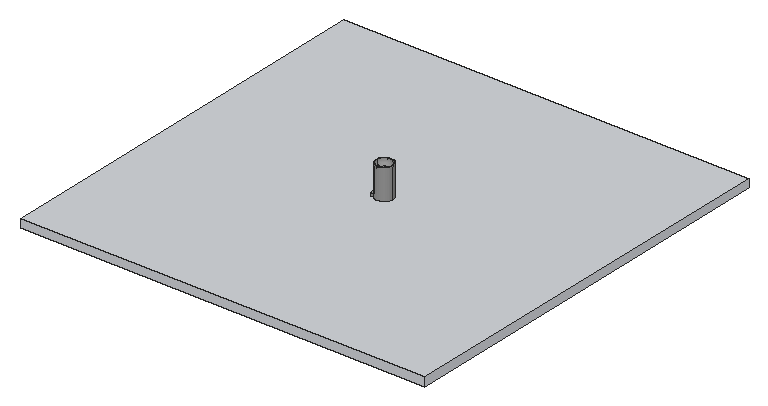
Revit family "LAMP_KOMBIC 100 SURFACE TRACK 2500 CRI80 OPTIC DALI", category Luminarias, Revit 2018
Family settings
  Anfitrión = Cara
  Cota de conector redondo = Diámetro de uso
  Tipo de pieza = Normal
  Corte con vacíos al cargar = No
  Origen de luz = Sí
  Compartido = No
  Punto de cálculo de habitación = No
Parameters (values of type "1609LM 3000K  B/B")
  Ángulo de inclinación = -90.00°
  Weight = 0.498 kg
  UGR = "17"
  Type = "COB PHILIPS"
  Protection rating = "IP40"
  Product datasheet = "http://www.lamp.es/product-files/TECH/K11TK2540WF830DBB-EN.pdf"
  Product code = "K11TK2540WF830DBB"
  Product URL = "https://www.lamp.es/en/family/kombic-surface_474354"
  Power Supply = "220-240V 50/60Hz"
  Power = 18 W
  Plum = 21.6 W
  Modelo = Product code  # "K11TK2540WF830DBB"
  Model explanation = "Possibility of chossing between surface or suspended within the model"
  Material reflector = LAMP_PC Reflector Kombic Metalizado Negro
  Material floron = LAMP_Plástico genérico NG
  Material difusor = LAMP_PMMA Difusor Kombic
  Material cuerpo = LAMP_Plástico genérico NG
  Material cable suspension = LAMP_Acero genérico
  Manufacturer name = "LAMP"
  Manufacturer country = "Spain"
  Manufacturer URL = "http://www.lamp.es/en"
  MacAdam = "3"
  Luminaire type = "Track"
  Last update = "03/08/2021"
  Lamp = "COB LED"
  LED Lifetime = "50.000 L70 B10"
  Insulation class = "I"
  Installation instructions = "https://www.lamp.es/product-files/packed/by-family/474354_INS_all.zip"
  IEE = "A+"
  Wattage = 21.6 W
  built-in parameter 1150107 = 3000 (stored number, unit not read)
  built-in parameter 1150110 = 1 (stored number, unit not read)
  built-in parameter 1150109 = 1 (stored number, unit not read)
  built-in parameter 1150112 = 1 (stored number, unit not read)
  built-in parameter 1150113 = 1 (stored number, unit not read)
  built-in parameter 1114218 = 1 (stored number, unit not read)
  built-in parameter 1150137 = (empty or 0)
  built-in parameter 1150132 = 2
  built-in parameter 1150105 = 2137.8 (stored number, unit not read)
  built-in parameter 1150102 = (empty or 0)
  built-in parameter 1150106 = 21.378 (stored number, unit not read)
  Height = 180 mm
  Gear = "Electronic"
  Lumens = 1609.2 lm
  Finish = "Matte black RAL 9011"
  Color Filter = 16777215
  built-in parameter 1114217 = 1 (stored number, unit not read)
  built-in parameter 1150139 = (empty or 0)
  Fabricante = Manufacturer name  # "LAMP"
  Default Elevation = 1219.2 mm
  built-in parameter 1150104 = 6.9213 (stored number, unit not read)
  Efficacy = 74.5 lm/W
  Diameter = 100 mm
  built-in parameter 1150115 = 1 (stored number, unit not read)
  built-in parameter 1150114 = 1 (stored number, unit not read)
  built-in parameter 1150138 = (empty or 0)
  built-in parameter 1150134 = (empty or 0)
  Dimming Lamp Color Temperature Shift = (empty or 0)
  CRI = "80"
  Archivo de red fotométrica = "K11rd2540WF830NBw.IES"
  built-in parameter 1150133 = 10 (stored number, unit not read)
Types (12, lengths in mm): name | UGR | Product datasheet | Product code | Modelo | Material reflector | Material cuerpo | built-in parameter 1150107 | built-in parameter 1150105 | built-in parameter 1150106 | Lumens | Finish | built-in parameter 1150104 | Efficacy | built-in parameter 1150134 | Archivo de red fotométrica
  1609LM 3000K  B/B | "17" | "http://www.lamp.es/product-files/TECH/K11TK2540WF830DBB-EN.pdf" | "K11TK2540WF830DBB" | "K11TK2540WF830DBB" | LAMP_PC Reflector Kombic Metalizado Negro | LAMP_Plástico genérico NG | 3000 (stored number, unit not read) | 2137.8 (stored number, unit not read) | 21.378 (stored number, unit not read) | 1609.2 lm | "Matte black RAL 9011" | 6.9213 (stored number, unit not read) | 74.5 lm/W | (empty or 0) | "K11rd2540WF830NBw.IES"
  1609LM 3000K  B/W | "17" | "http://www.lamp.es/product-files/TECH/K11TK2540WF830DBW-EN.pdf" | "K11TK2540WF830DBW" | "K11TK2540WF830DBW" | LAMP_PC Reflector Kombic Metalizado Negro | LAMP_Plástico genérico BL | 3000 (stored number, unit not read) | 2137.8 (stored number, unit not read) | 21.378 (stored number, unit not read) | 1609.2 lm | "Matte Traffic white RAL 9016" | 6.9213 (stored number, unit not read) | 74.5 lm/W | (empty or 0) | "K11rd2540WF830NBW.IES"
  1692LM 3000K  M/B | "17" | "http://www.lamp.es/product-files/TECH/K11TK2540WF830DMB-EN.pdf" | "K11TK2540WF830DMB" | "K11TK2540WF830DMB" | LAMP_PC Reflector Kombic Metalizado Mate | LAMP_Plástico genérico NG | 3000 (stored number, unit not read) | 2246.9 (stored number, unit not read) | 22.469 (stored number, unit not read) | 1691.28 lm | "Matte black RAL 9011" | 7.2743 (stored number, unit not read) | 78.3 lm/W | (empty or 0) | "K11rd2540WF830NMw.IES"
  1692LM 3000K  M/W | "17" | "http://www.lamp.es/product-files/TECH/K11TK2540WF830DMW-EN.pdf" | "K11TK2540WF830DMW" | "K11TK2540WF830DMW" | LAMP_PC Reflector Kombic Metalizado Mate | LAMP_Plástico genérico BL | 3000 (stored number, unit not read) | 2246.9 (stored number, unit not read) | 22.469 (stored number, unit not read) | 1691.28 lm | "Matte Traffic white RAL 9016" | 7.2743 (stored number, unit not read) | 78.3 lm/W | (empty or 0) | "K11rd2540WF830NMW.IES"
  1701LM 3000K  W/B | "19" | "http://www.lamp.es/product-files/TECH/K11TK2540WF830DWB-EN.pdf" | "K11TK2540WF830DWB" | "K11TK2540WF830DWB" | LAMP_PC Reflector Kombic Blanco | LAMP_Plástico genérico NG | 3000 (stored number, unit not read) | 2261.2 (stored number, unit not read) | 22.612 (stored number, unit not read) | 1702.08 lm | "Matte black RAL 9011" | 7.3208 (stored number, unit not read) | 78.8 lm/W | (empty or 0) | "K11rd2540WF830NWw.IES"
  1701LM 3000K  W/W | "19" | "http://www.lamp.es/product-files/TECH/K11TK2540WF830DWW-EN.pdf" | "K11TK2540WF830DWW" | "K11TK2540WF830DWW" | LAMP_PC Reflector Kombic Blanco | LAMP_Plástico genérico BL | 3000 (stored number, unit not read) | 2261.2 (stored number, unit not read) | 22.612 (stored number, unit not read) | 1702.08 lm | "Matte Traffic white RAL 9016" | 7.3208 (stored number, unit not read) | 78.8 lm/W | (empty or 0) | "K11rd2540WF830NWW.IES"
  1704LM 4000K  B/B | "17" | "http://www.lamp.es/product-files/TECH/K11TK2540WF840DBB-EN.pdf" | "K11TK2540WF840DBB" | "K11TK2540WF840DBB" | LAMP_PC Reflector Kombic Metalizado Negro | LAMP_Plástico genérico NG | 4000 (stored number, unit not read) | 2264.1 (stored number, unit not read) | 22.641 (stored number, unit not read) | 1704.24 lm | "Matte black RAL 9011" | 7.33 (stored number, unit not read) | 78.9 lm/W | 12 | "K11rd2540WF840NBw.IES"
  1704LM 4000K  B/W | "17" | "http://www.lamp.es/product-files/TECH/K11TK2540WF840DBW-EN.pdf" | "K11TK2540WF840DBW" | "K11TK2540WF840DBW" | LAMP_PC Reflector Kombic Metalizado Negro | LAMP_Plástico genérico BL | 4000 (stored number, unit not read) | 2264.1 (stored number, unit not read) | 22.641 (stored number, unit not read) | 1704.24 lm | "Matte Traffic white RAL 9016" | 7.33 (stored number, unit not read) | 78.9 lm/W | 12 | "K11rd2540WF840NBW.IES"
  1792LM 4000K  W/B | "17" | "http://www.lamp.es/product-files/TECH/K11TK2540WF840DMB-EN.pdf" | "K11TK2540WF840DMB" | "K11TK2540WF840DMB" | LAMP_PC Reflector Kombic Metalizado Mate | LAMP_Plástico genérico NG | 4000 (stored number, unit not read) | 2381.7 (stored number, unit not read) | 23.817 (stored number, unit not read) | 1792.8 lm | "Matte black RAL 9011" | 7.711 (stored number, unit not read) | 83 lm/W | 12 | "K11rd2540WF840NMw.IES"
  1792LM 4000K  W/W | "17" | "http://www.lamp.es/product-files/TECH/K11TK2540WF840DMW-EN.pdf" | "K11TK2540WF840DMW" | "K11TK2540WF840DMW" | LAMP_PC Reflector Kombic Metalizado Mate | LAMP_Plástico genérico BL | 3000 (stored number, unit not read) | 2381.7 (stored number, unit not read) | 23.817 (stored number, unit not read) | 1792.8 lm | "Matte Traffic white RAL 9016" | 7.711 (stored number, unit not read) | 83 lm/W | (empty or 0) | "K11rd2540WF840NMW.IES"
  1802LM 4000K  M/B | "19" | "http://www.lamp.es/product-files/TECH/K11TK2540WF840DWB-EN.pdf" | "K11TK2540WF840DWB" | "K11TK2540WF840DWB" | LAMP_PC Reflector Kombic Blanco | LAMP_Plástico genérico NG | 3000 (stored number, unit not read) | 2393.2 (stored number, unit not read) | 23.932 (stored number, unit not read) | 1801.44 lm | "Matte black RAL 9011" | 7.7481 (stored number, unit not read) | 83.4 lm/W | (empty or 0) | "K11rd2540WF840NWw.IES"
  1802LM 4000K  M/W | "19" | "http://www.lamp.es/product-files/TECH/K11TK2540WF840DWW-EN.pdf" | "K11TK2540WF840DWW" | "K11TK2540WF840DWW" | LAMP_PC Reflector Kombic Blanco | LAMP_Plástico genérico BL | 4000 (stored number, unit not read) | 2393.2 (stored number, unit not read) | 23.932 (stored number, unit not read) | 1801.44 lm | "Matte Traffic white RAL 9016" | 7.7481 (stored number, unit not read) | 83.4 lm/W | 12 | "K11rd2540WF840NWW.IES"
Reference planes
  plane 1 "Centro (Frontal/Posterior)": y = 0
  plane 2: z = 0
  plane 3 "Centro (Izquierda/Derecha)": x = 0
Forms (mm)
  Extrusion 1, solid
    sketch origin (0, 0, 0) x (1, 0, 0) y (0, 1, 0)
      loop
        line (-1219.2, 1219.2) -> (-1219.2, -1219.2) -> (1219.2, -1219.2) -> (1219.2, 1219.2) -> (-1219.2, 1219.2)
    from 0 to -50
  Extrusion 2, solid, material "LAMP_Plástico genérico NG" <- "Material cuerpo"
    sketch origin (0, 0, 0) x (1, 0, 0) y (0, 1, 0)
      loop
        circle (0, 0) r 50
    from 14 to 194
  Extrusion 3, void
    sketch origin (0, 0, 0) x (1, 0, 0) y (0, 1, 0)
      loop
        circle (0, 0) r 48
    from 25.333 to 194
  Sweep 4, solid, material "LAMP_PC Reflector Kombic Metalizado Negro" <- "Material reflector"
    path origin (105.103, -251.845, 194) x (1, 0, 0) y (0, 1, 0)
      loop
        circle (-105.103, 251.959) r 48
    profile origin (0, 48.114, 194) x (0, -1, 0) y (0, 0, 1)
      loop
        arc (0, 0) -> (6.616, -20.646) -> (24, -33.6) r 35.52
        line (24, -33.6) -> (24, -32.6)
        arc (24, -32.6) -> (7.196, -20.217) -> (2, 0) r 31.112
        line (2, 0) -> (0, 0)
  Extrusion 5, solid, material "LAMP_PMMA Difusor Kombic" <- "Material difusor"
    sketch origin (0, 0, 0) x (1, 0, 0) y (0, 1, 0)
      loop
        circle (0, 0) r 24
    from 160.4 to 161.4
  Extrusion 6, solid, material "LAMP_Plástico genérico NG" <- "Material cuerpo"
    sketch origin (0, 0, 0) x (1, 0, 0) y (0, 1, 0)
      loop
        arc (-66.129, 16) -> (-70, 0) -> (-66.129, -16) r 35
        line (-66.129, -16) -> (-3.871, -16)
        arc (-3.871, -16) -> (0, 0) -> (-3.871, 16) r 35
        line (-3.871, 16) -> (-66.129, 16)
    from -26 to 14
  Extrusion 7, void
    sketch origin (0, 0, 0) x (0, 1, 0) y (0, 0, 1)
      loop
        line (17, 0) -> (7, 0) -> (7, -25) -> (-7, -25) -> (-7, 0) -> (-17, 0) -> (-17, -26) -> (17, -26) -> (17, 0)
    from -82.029 to 0
Cuts and joins
  Extrusion 3 cuts Extrusion 2
  Extrusion 7 cuts Extrusion 6
Text (mm)
  text "Any modification of the parameters and properties of the LAMP BIM models must be executed and validated by the LAMP technical department.\nPhone: +34 93 736 68 00\nE-mail: lamp@lamp.es\n\nLAMP reserves the right to modify the technical specifications of its products." at (1856.491, -4316.333, -2622.127), in view "Preview"
Dimensions and locks
  locked: Extrusion 2 to Extrusion 2 at 180
  locked: cut or joined group of Extrusion 2, Extrusion 3 to cut or joined group of Extrusion 2, Extrusion 3 at 168.667
  aligned and locked: plane 2 to Extrusion 1
  aligned and locked: level to Extrusion 1
  aligned and locked: Extrusion 2 to Extrusion 3
  aligned and locked: Sweep 4 to Extrusion 5
  aligned and locked: Extrusion 5 to Sweep 4
  aligned and locked: imposter light to cut or joined group of Extrusion 2, Extrusion 3
Connectors
  electrical at (0, 0, 14)
    settings: on cut or joined group of Extrusion 2, Extrusion 3, index 1, voltage 230 V, apparent load 0 VA, apparent load phase1 0 VA, apparent load phase2 0 VA, apparent load phase3 0 VA, power factor 1, load classification "Otro", number of poles 1, system type 31, power factor state 1, is connector primary yes, connector utility no, sub classification motor no, connector description ""
